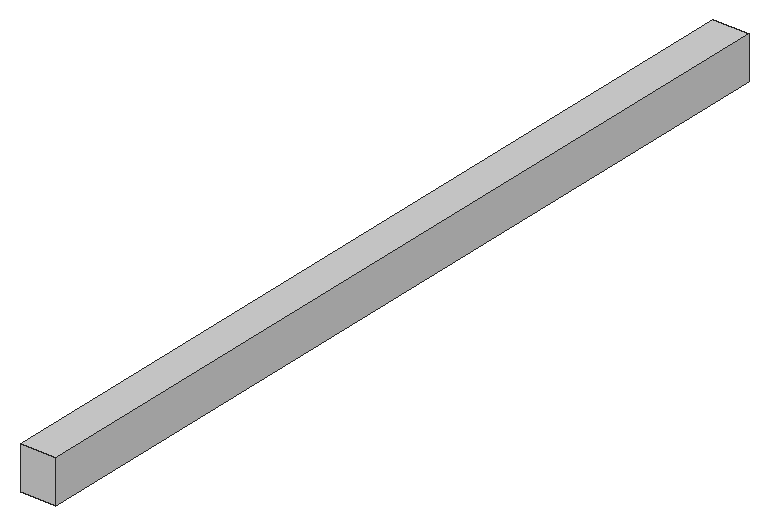
Revit family "MF_COMPENSATION TUBE 4''x8''_1904315", category Generic Models, Revit 2018
Family settings
  Can host rebar = No
  Round Connector Dimension = Use Diameter
  Part Type = Normal
  OmniClass Number = 35.51.14.00
  OmniClass Title = FORMWORK
  Work Plane-Based = Yes
  Always vertical = No
  Cut with Voids When Loaded = No
  Shared = Yes
  Room Calculation Point = No
Parameters
  VERSION = "20190101"  # constant formula
  URL = "www.ulmaconstruction.com/en"
  UNICLASS = ""
  ITEM_CODE = "1904315"
  Manufacturer = "ULMA CONSTRUCTION"  # constant formula
  FILTER [instance] = ""
  Default Elevation = 0"
  CLASSIFICATION_TITLE = ""
  CLASSIFICATION_NUMBER = ""
Reference planes (in)
  plane 1 "Centro (Frontal/Posterior)": y = 0
  plane 2: z = 0
  plane 3 "Centro (Izquierda/Derecha)": x = 0
  plane 4 "ITEM_HEIGHT": y = 96
  plane 5 "TIE HOLE 2": y = 74.54331
  plane 6 "TIE HOLE 1": y = 21.45669
  plane 7: y = 15
  plane 8: y = 33
  plane 9: y = 63
  plane 10: y = 81
  plane 11 "MIDDLE": x = 1.9685
Forms (in)
  Extrusion 1, solid, material "ULMA ZINC"
    sketch origin (0, 0, 0) x (1, 0, 0) y (0, 0, 1)
      loop
        line (0, 0) -> (0, -4.72441) -> (3.93701, -4.72441) -> (3.93701, 0) -> (0, 0)
    from -96 to 0
Lines and regions (in)
  model lines, style "ULMA PANELS", detail levels fine
    curve 1: circle (1.9685, 74.54331, -4.72441) r 0.82677 normal (0, 0, 1)
    curve 2: arc (2.79528, 76.70866, 0) -> (1.9685, 77.53543, 0) -> (1.14173, 76.70866, 0) r 0.82677
    curve 3: line (2.79528, 76.70866, 0) -> (2.79528, 72.37795, 0)
    curve 4: line (1.14173, 72.37795, 0) -> (1.14173, 76.70866, 0)
    curve 5: arc (1.14173, 72.37795, 0) -> (1.9685, 71.55118, 0) -> (2.79528, 72.37795, 0) r 0.82677
    curve 6: circle (1.9685, 21.45669, -4.72441) r 0.82677 normal (0, 0, 1)
    curve 7: arc (2.79508, 23.62204, 0) -> (1.96854, 24.44858, 0) -> (1.142, 23.62204, 0) r 0.82654
    curve 8: line (2.79508, 23.62204, 0) -> (2.79508, 19.29134, 0)
    curve 9: line (1.142, 19.29134, 0) -> (1.142, 23.62204, 0)
    curve 10: arc (1.142, 19.29134, 0) -> (1.96854, 18.4648, 0) -> (2.79508, 19.29134, 0) r 0.82654
    curve 11: circle (3.93701, 15, -1.72441) r 0.3937 normal (1, 0, 0)
    curve 12: circle (0, 15, -1.72441) r 0.3937 normal (1, 0, 0)
    curve 13: circle (3.93701, 33, -1.72441) r 0.3937 normal (1, 0, 0)
    curve 14: circle (0, 33, -1.72441) r 0.3937 normal (1, 0, 0)
    curve 15: circle (3.93701, 63, -1.72441) r 0.3937 normal (1, 0, 0)
    curve 16: circle (0, 63, -1.72441) r 0.3937 normal (1, 0, 0)
    curve 17: circle (3.93701, 81, -1.72441) r 0.3937 normal (1, 0, 0)
    curve 18: circle (0, 81, -1.72441) r 0.3937 normal (1, 0, 0)
Dimensions and locks (in)
  locked: plane 1 "Centro (Frontal/Posterior)" to plane 4 "ITEM_HEIGHT" at 96
  locked: plane 3 "Centro (Izquierda/Derecha)" to plane 11 "MIDDLE" at 1.9685
  aligned and locked: level to plane 2
  aligned and locked: plane 4 "ITEM_HEIGHT" to Extrusion 1
  aligned and locked: plane 1 "Centro (Frontal/Posterior)" to Extrusion 1
